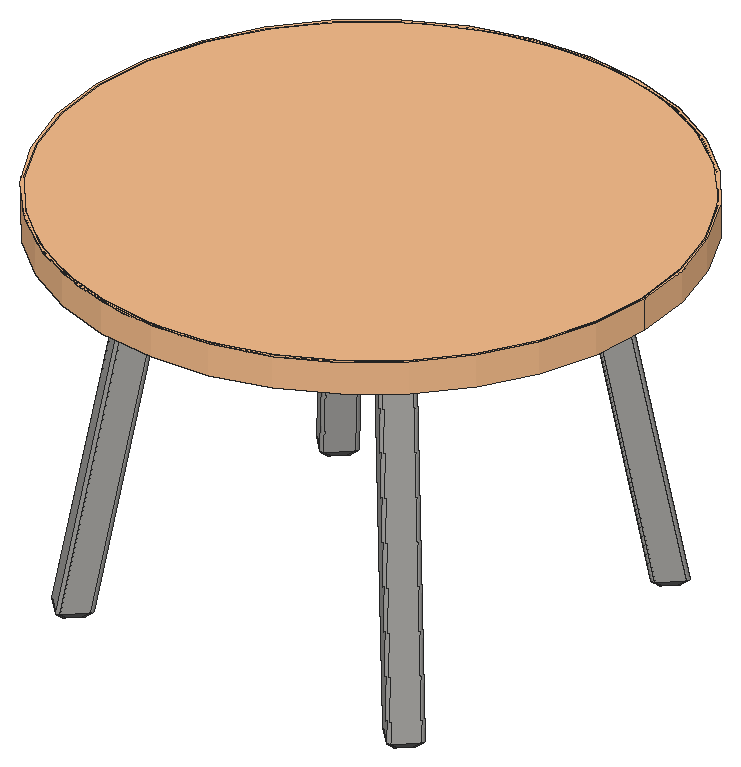
Revit family "Seating_Inc-Round_Table-Cobra-1", category Furniture, Revit 2014
Parameters (values of type "Type Catalog")
  URL = "www.seatinginc.com"
  Type Comments = "Cobra Tables"  # constant formula
  Top Finish = STI - Wood
  Support Finish = STI - Powder Coat, Silver
  Salvage or Reuse = yes
  Percentage of Recycled Content = 0
  Model = "CF18RD-16S"
  Manufacturer = "Seating Inc"  # constant formula
  Low Emitting Material = yes
  Low Emitting Finish = yes
  Leg Spread = (Diameter / 2) - 1"  # 11"
  Leg Finish = STI - Powder Coat, Silver
  Leg Height = Height - 1 1/4"  # 14 3/4"
  Keynote = "12500"
  Height = 16"
  Glide Finish = STI - Plastic Black
  Edge Finish = STI - Wood
  Diameter = 24"
  Description = "18\" Round, Silver, 16\" Height"
  Assembly Code = "E2020200"
  # Legs = 4  # constant formula
Reference planes (in)
  plane 1 "Center Front/Back": y = 0
  plane 2: z = 0
  plane 3 "Center Left/Right": x = 0
  plane 4: z = 16
  plane 5: z = 14.75
Forms (in)
  Extrusion 1, solid, material "STI - Wood" <- "Top Finish"
    sketch origin (0, 0, 14.75) x (1, 0, 0) y (0, 1, 0)
      loop
        circle (0, 0) r 12
    from 0 to 1.25
  Extrusion 2, solid, material "STI - Wood" <- "Edge Finish"
    sketch origin (0, 0, 0) x (1, 0, 0) y (0, 1, 0)
      loop
        circle (0, 0) r 12
      loop
        circle (0, 0) r 12.10938
    from 14.75 to 16
Lines and regions (in)
  symbolic lines
    curve 1: arc (12.10938, 0, 0) -> (0, 12.10937, 0) -> (-12.10937, 0, 0) r 12.10938
    curve 2: arc (-12.10937, 0, 0) -> (0, -12.10938, 0) -> (12.10938, 0, 0) r 12.10938
Dimensions and locks (in)
  "Height": plane 4 to level
  "Leg Height": plane 5 to level
  Extrusion 1 to Extrusion 1 to plane 4 = 1 1/4" locked, 0" locked
  locked: Extrusion 2 sketch curve to Extrusion 2 sketch curve at 0.10938  (x2)
  Extrusion 2 to Extrusion 2 to plane 4 = 1 1/4" locked, 0" locked
  "Diameter": diameter of Extrusion 1 sketch curve
  aligned and locked: level to plane 2
  aligned and locked: Extrusion 2 sketch curve to Extrusion 1  (x2)
  aligned and locked: curve 1 to Extrusion 2
  aligned and locked: curve 2 to Extrusion 2
Automatic sketch dimensions
  Extrusion 2 sketch curve to Extrusion 2 sketch curve = 0"
  plane 1 "Center Front/Back" to Extrusion 1 sketch curve = 0"
  Extrusion 1 sketch curve to plane 3 "Center Left/Right" = 0"
Nested families (in)
  nested 1: "Leg Type-2" at (0, 0, 0), Leg Spread <- "Leg Spread", Leg Height <- "Leg Height", Support Finish <- "Support Finish", Leg Finish <- "Leg Finish", Glide Finish <- "Glide Finish", type "Leg"
    with Support Finish STI - Powder Coat, Silver, Leg Spread 11", Leg Height 14 3/4", Leg Finish STI - Powder Coat, Silver, Glide Finish STI - Plastic Black
  nested 2: "Leg Type-2" at (0, 0, 0) x (0, -1, 0) z (0, 0, 1), Leg Spread <- "Leg Spread", Leg Height <- "Leg Height", Support Finish <- "Support Finish", Leg Finish <- "Leg Finish", Glide Finish <- "Glide Finish", type "Leg"
    with Support Finish STI - Powder Coat, Silver, Leg Spread 11", Leg Height 14 3/4", Leg Finish STI - Powder Coat, Silver, Glide Finish STI - Plastic Black
  nested 3: "Leg Type-2" at (0, 0, 0) x (0, 1, 0) z (0, 0, 1), Leg Spread <- "Leg Spread", Leg Height <- "Leg Height", Support Finish <- "Support Finish", Leg Finish <- "Leg Finish", Glide Finish <- "Glide Finish", type "Leg"
    with Support Finish STI - Powder Coat, Silver, Leg Spread 11", Leg Height 14 3/4", Leg Finish STI - Powder Coat, Silver, Glide Finish STI - Plastic Black
  nested 4: "Leg Type-2" at (0, 0, 0) x (-1, 0, 0) z (0, 0, 1), Leg Spread <- "Leg Spread", Leg Height <- "Leg Height", Support Finish <- "Support Finish", Leg Finish <- "Leg Finish", Glide Finish <- "Glide Finish", type "Leg"
    with Support Finish STI - Powder Coat, Silver, Leg Spread 11", Leg Height 14 3/4", Leg Finish STI - Powder Coat, Silver, Glide Finish STI - Plastic Black
Definition of nested family "Leg Type-2"
  Parameters (values of type "Leg")
    Support Finish [instance] = none
    Leg Spread [instance] = 7 5/16"
    Leg Finish [instance] = none
    Leg Height [instance] = 14 3/4"
    Glide Finish [instance] = none
  Reference planes (in)
    plane 1 "Center Front/Back": y = 0
    plane 2: z = 0
    plane 3 "Center Left/Right": x = 0
    plane 4: z = 14.75
    plane 5: through (0, 0, 48) normal (-0.7071, 0.7071, 0)
    plane 6: through (5.55532, 4.78612, 48) normal (0.7071, 0.7071, 0)
    plane 7: through (0, 0, 48) normal (-0.7071, -0.7071, 0)
  Forms (in)
    Blend 1, solid, material <- "Leg Finish"
      base sketch origin (-1.69546, -1.39546, 0) x (1, 0, 0) y (0, 1, 0)
        loop
          arc (5.54113, 6.18158) -> (5.50566, 6.09595) -> (5.54113, 6.01033) r 0.12109
          line (5.54113, 6.01033) -> (6.31033, 5.24113)
          arc (6.31033, 5.24113) -> (6.39595, 5.20566) -> (6.48158, 5.24113) r 0.12109
          line (6.48158, 5.24113) -> (7.25078, 6.01033)
          arc (7.25078, 6.01033) -> (7.28625, 6.09595) -> (7.25078, 6.18158) r 0.12109
          line (7.25078, 6.18158) -> (6.48158, 6.95078)
          arc (6.48158, 6.95078) -> (6.39595, 6.98625) -> (6.31033, 6.95078) r 0.12109
          line (6.31033, 6.95078) -> (5.54113, 6.18158)
      top sketch origin (-1.69546, -1.39546, 0) x (1, 0, 0) y (0, 1, 0)
        loop
          arc (3.57134, 4.21179) -> (3.53587, 4.12616) -> (3.57134, 4.04054) r 0.12109
          line (3.57134, 4.04054) -> (4.34054, 3.27134)
          arc (4.34054, 3.27134) -> (4.42616, 3.23587) -> (4.51179, 3.27134) r 0.12109
          line (4.51179, 3.27134) -> (5.28099, 4.04054)
          arc (5.28099, 4.04054) -> (5.31646, 4.12616) -> (5.28099, 4.21179) r 0.12109
          line (5.28099, 4.21179) -> (4.51179, 4.98099)
          arc (4.51179, 4.98099) -> (4.42616, 5.01646) -> (4.34054, 4.98099) r 0.12109
          line (4.34054, 4.98099) -> (3.57134, 4.21179)
      from 0.2867 to 14.649
    Blend 2, solid, material <- "Glide Finish"
      base sketch origin (-1.69546, -1.39546, 0) x (1, 0, 0) y (0, 1, 0)
        loop
          arc (5.89468, 6.18158) -> (5.85921, 6.09595) -> (5.89468, 6.01033) r 0.12109
          line (5.89468, 6.01033) -> (6.31033, 5.59468)
          arc (6.31033, 5.59468) -> (6.39595, 5.55921) -> (6.48158, 5.59468) r 0.12109
          line (6.48158, 5.59468) -> (6.89722, 6.01033)
          arc (6.89722, 6.01033) -> (6.93269, 6.09595) -> (6.89722, 6.18158) r 0.12109
          line (6.89722, 6.18158) -> (6.48158, 6.59722)
          arc (6.48158, 6.59722) -> (6.39595, 6.63269) -> (6.31033, 6.59722) r 0.12109
          line (6.31033, 6.59722) -> (5.89468, 6.18158)
      top sketch origin (-1.69546, -1.39546, 0) x (1, 0, 0) y (0, 1, 0)
        loop
          line (6.31033, 6.95078) -> (5.54113, 6.18158)
          arc (5.54113, 6.18158) -> (5.50566, 6.09595) -> (5.54113, 6.01033) r 0.12109
          line (5.54113, 6.01033) -> (6.31033, 5.24113)
          arc (6.31033, 5.24113) -> (6.39595, 5.20566) -> (6.48158, 5.24113) r 0.12109
          line (6.48158, 5.24113) -> (7.25078, 6.01033)
          arc (7.25078, 6.01033) -> (7.28625, 6.09595) -> (7.25078, 6.18158) r 0.12109
          line (7.25078, 6.18158) -> (6.48158, 6.95078)
          arc (6.48158, 6.95078) -> (6.39595, 6.98625) -> (6.31033, 6.95078) r 0.12109
      from 0 to 0.2867
    Extrusion 3, solid, material <- "Support Finish"
      sketch origin (-4.06586, -4.06586, 14.649) x (1, 0, 0) y (0, 1, 0)
        loop
          line (8.55356, 9.11606) -> (4.73086, 9.11606)
          arc (4.73086, 9.11606) -> (4.21117, 8.76882) -> (4.33311, 8.15581) r 0.5625
          line (4.33311, 8.15581) -> (8.15581, 4.33311)
          arc (8.15581, 4.33311) -> (8.76882, 4.21117) -> (9.11606, 4.73086) r 0.5625
          line (9.11606, 4.73086) -> (9.11606, 8.55356)
          arc (9.11606, 8.55356) -> (8.95131, 8.95131) -> (8.55356, 9.11606) r 0.5625
      from 0 to 0.10156
  Lines and regions (in)
    symbolic lines, style "FurnitureHiddenLines"
      curve 1: arc (4.78612, 5.55532, 0) -> (4.70049, 5.59079, 0) -> (4.61487, 5.55532, 0) r 0.12109
      curve 2: arc (5.55532, 4.61487, 0) -> (5.59079, 4.70049, 0) -> (5.55532, 4.78612, 0) r 0.12109
      curve 3: arc (4.61487, 3.84567, 0) -> (4.70049, 3.8102, 0) -> (4.78612, 3.84567, 0) r 0.12109
      curve 4: line (3.84567, 4.61487, 0) -> (4.61487, 3.84567, 0)
      curve 5: arc (3.84567, 4.78612, 0) -> (3.8102, 4.70049, 0) -> (3.84567, 4.61487, 0) r 0.12109
      curve 6: line (3.84567, 4.78612, 0) -> (4.61487, 5.55532, 0)
      curve 7: line (4.78612, 3.84567, 0) -> (5.55532, 4.61487, 0)
      curve 8: line (5.55532, 4.78612, 0) -> (4.78612, 5.55532, 0)
  Dimensions and locks (in)
    Blend 2 to Blend 2 to plane 2 = 0.2867" locked, 0" locked
    locked: plane 2 to Blend 1 at 0.2867
    "Leg Height": level to plane 4
    locked: plane 5 to Blend 1 sketch curve at 0.665  (x4)
    locked: plane 5 to Blend 2 sketch curve at 0.665
    locked: Blend 2 sketch curve to plane 5 at 0.665
    Blend 2 sketch curve to plane 6 to Blend 2 sketch curve = 0" locked, 1.33" locked
    plane 6 to Blend 2 sketch curve to Blend 2 sketch curve = 1/4" locked, 0.83" locked
    locked: plane 5 to Blend 2 sketch curve at 0.415
    locked: Blend 2 sketch curve to plane 5 at 0.415
    Blend 1 sketch curve to plane 6 to Blend 1 sketch curve = 0" locked, 1.33" locked
    plane 6 to Blend 1 sketch curve to Blend 1 sketch curve = 2.7857" locked, 1.33" locked
    "Leg Spread": plane 7 to plane 6
    locked: plane 6 to Extrusion 3 sketch curve at 3.669  (x2)
    locked: plane 6 to Extrusion 3 sketch curve at 0.96594
    locked: Extrusion 3 sketch curve to plane 6 at 4.2315
    locked: plane 5 to curve 6 at 0.665
    locked: curve 7 to plane 5 at 0.665
    curve 4 to curve 8 to plane 6 = 1.33" locked, 0" locked
    Extrusion 3 to plane 4 to Extrusion 3 = 0.101" locked, 0.00056" locked
    locked: plane 4 to Blend 1 at 0.101
    aligned and locked: level to plane 2
  Automatic sketch dimensions
    Blend 1 sketch curve to Blend 1 sketch curve = 0"  (x2)
    Blend 1 sketch curve to Blend 1 sketch curve = 0.08563"  (x22)
    Blend 1 sketch curve to Blend 1 sketch curve = 0.7692"  (x2)
    Blend 2 sketch curve to Blend 2 sketch curve = 0"  (x2)
    Blend 2 sketch curve to Blend 2 sketch curve = 0.08563"  (x21)
    Blend 2 sketch curve to Blend 2 sketch curve = 0.41565"
    Blend 2 sketch curve to Blend 2 sketch curve = 0.17125"
    Blend 2 sketch curve to Blend 2 sketch curve = 0.7692"
    Extrusion 3 sketch curve to Extrusion 3 sketch curve = 0.39775"  (x3)
    Extrusion 3 sketch curve to plane 5 = 0"
    curve 1 to plane 6 = 0"
    curve 6 to curve 4 = 0"
    curve 4 to curve 5 = 0.08563"
    curve 6 to curve 1 = 0.08563"
    curve 3 to curve 3 = 0.08563"
    curve 3 to curve 2 = 0.7692"
    curve 1 to curve 6 = 0.08563"
    curve 5 to curve 5 = 0.08563"
    curve 4 to curve 3 = 0.08563"
    curve 3 to curve 7 = 0.08563"
    curve 1 to curve 1 = 0.08563"
    curve 2 to curve 2 = 0.08563"  (x2)
